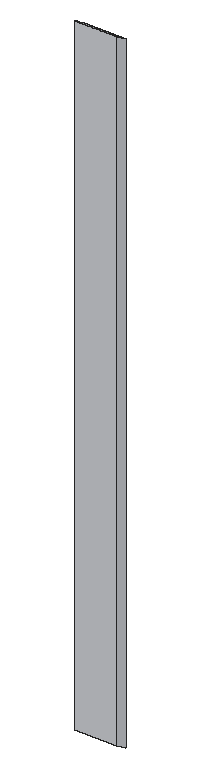
Revit family "Baluster - Steel Flat Upright", category Balusters, Revit 2019
Family settings
  OmniClass Number = 23.30.80.11.11.14
  OmniClass Title = Posts, Newel Posts, Pickets
  Always vertical = Yes
  Cut with Voids When Loaded = No
  Shared = No
Parameters (values of type "2" x 1/2"")
  Width = 0' - 2"
  built-in parameter 1008623 [instance] = 32.47°
  Thickness = 0' - 0 1/2"
  built-in parameter 1008625 [instance] = (empty or 0)
  Post = no
  built-in parameter 1008624 [instance] = 32.47°
  Baluster Material = none
  built-in parameter 1008622 [instance] = 2' - 6"
Reference planes (in)
  plane 1 "Center (Front/Back)": y = 0
  plane 2: z = 0
  plane 3 "Center (Left/Right)": x = 0
  plane 4 "Top": z = 30
  plane 5 "Top Cut Angle": through (0, 13.58797, 21.35351) normal (0, -0.5369, -0.8437)
  plane 6 "Bottom Cut Angle": through (0, 0, 0) normal (0, -0.5369, -0.8437)
  plane 7: y = 0.25
  plane 8: y = -0.25
  plane 9: x = -1
  plane 10: x = 1
  plane 11: z = 34
  plane 12: z = -4
Forms (in)
  Extrusion 1, solid, material <- "Baluster Material"
    sketch origin (0, 0, 0) x (1, 0, 0) y (0, 1, 0)
      loop
        line (-1, 0.25) -> (-1, -0.25) -> (1, -0.25) -> (1, 0.25) -> (-1, 0.25)
    from -4 to 34
  Extrusion 2, void
    sketch origin (0, 0, 0) x (0, 1, 0) y (0, 0, 1)
      loop
        line (0.25, 34) -> (-0.25, 34) -> (-0.25, 30.15908) -> (0.25, 29.84092) -> (0.25, 34)
    from -1 to 1
  Extrusion 3, void
    sketch origin (0, 0, 0) x (0, 1, 0) y (0, 0, 1)
      loop
        line (-0.25, 0.15908) -> (-0.25, -4) -> (0.25, -4) -> (0.25, -0.15908) -> (-0.25, 0.15908)
    from -1 to 1
Cuts and joins
  Extrusion 2, Extrusion 3 cuts Extrusion 1
Text (in)
  text "Baluster Elevation" at (0, 56.5946, 48.5925), in view "Left"
Dimensions and locks (in)
  "built-in parameter 1008622": plane 2 to plane 4 "Top"
  equal spacing: plane 7, plane 1 "Center (Front/Back)", plane 8
  "Thickness": plane 7 to plane 8
  equal spacing: plane 9, plane 3 "Center (Left/Right)", plane 10
  "Width": plane 9 to plane 10
  locked: plane 11 to plane 4 "Top" at 4
  locked: plane 2 to plane 12 at 4
  "built-in parameter 1008623": angle plane 4 "Top" to plane 5 "Top Cut Angle"
  "built-in parameter 1008624": angle level to plane 6 "Bottom Cut Angle"
  aligned and locked: plane 2 to level
  aligned and locked: Extrusion 1 sketch curve to plane 7
  aligned and locked: plane 8 to Extrusion 1 sketch curve
  aligned and locked: Extrusion 1 sketch curve to plane 10
  aligned and locked: plane 9 to Extrusion 1 sketch curve
  aligned and locked: plane 11 to Extrusion 1
  aligned and locked: Extrusion 1 to plane 12
  aligned and locked: plane 8 to Extrusion 2 sketch curve
  aligned and locked: plane 7 to Extrusion 2 sketch curve
  aligned and locked: Extrusion 2 sketch curve to plane 5 "Top Cut Angle"
  aligned and locked: Extrusion 2 sketch curve to plane 11
  aligned and locked: Extrusion 2 to plane 9
  aligned and locked: plane 10 to Extrusion 2
  aligned and locked: Extrusion 3 sketch curve to plane 6 "Bottom Cut Angle"
  aligned and locked: plane 7 to Extrusion 3 sketch curve
  aligned and locked: Extrusion 3 sketch curve to plane 8
  aligned and locked: Extrusion 3 sketch curve to plane 12
  aligned and locked: Extrusion 3 to plane 9
  aligned and locked: plane 10 to Extrusion 3
